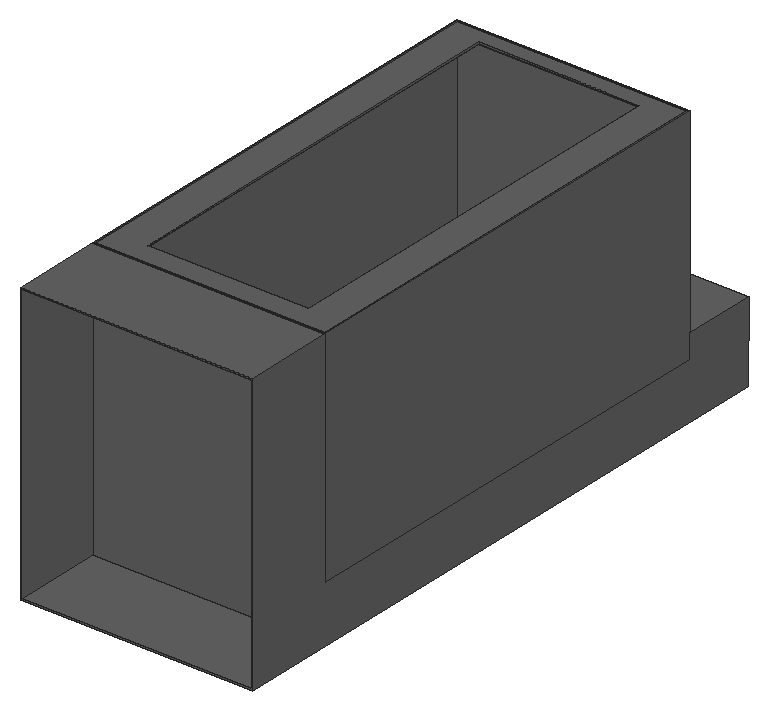
Revit family "Data_Rack-Middle_Atlantic-Wall-Pivoting-SR_Series", category Data Devices, host Face, Revit 2019
Family settings
  Host = Face
  Maintain Annotation Orientation = No
  Round Connector Dimension = Use Diameter
  Part Type = Normal
  Cut with Voids When Loaded = No
  Shared = No
  Room Calculation Point = No
Parameters (values of type "24" Wide, 24RU, 28" Deep, SR-24-28")
  z Width Actual [instance] = if(z Type Width = 24, 23.560", 28.970")  # 23.560"
  z Type Width = 24
  z Type Height = 24
  z Type Depth = 28
  z Height Actual [instance] = z Cabinet Height + 7.104" + 9.170" + (0.346")  # 62.750"
  z Depth Actual [instance] = if(1 = 1, 1, 1) * z Type Depth * 1.000" + 0.340"  # 28.340"
  z Cabinet Vetical Offset [instance] = z  Offset + z Cabinet Height / -2 - 9.170"  # -32.235"
  z Base Depth Bottom [instance] = z Depth Actual  # 28.340"
  z  X [instance] = 1 = 0  # no
  z Thickness Actual [instance] = 0.125"
  z Snap Location Width [instance] = z Mounting Width - 2.000"  # 16.325"
  z Rails Width [instance] = z Cabinet Width Actual - (z Thickness Actual * 2)  # 23.310"
  z RU Offset Depth Actual References [instance] = z RU Offset Depth Actual - z Cabinet Hinge Offset Depth Actual  # 19.650"
  z RU Offset Depth Actual [instance] = z Cabinet Depth Actual - if(z RU Offset Depth < 0.000", 0.000", if(z RU Offset Depth > z Cabinet Depth Actual - z Thickness Actual, z Cabinet Depth Actual - z Thickness Actual, z RU Offset Depth))  # 22.590"
  z RU Offset Depth = 0.000"
  z RU Height [instance] = z RU Count Actual * 1.750"  # 42.000"
  z RU Count Array [instance] = if(z RU Count Actual < 2, 2, z RU Count Actual)  # 24
  z RU Count Actual [instance] = if(z RU Count < 1, 1, z RU Count)  # 24
  z RU Count = if(1 = 1, 1, 1) * z Type Height  # 24
  z Mounting Width [instance] = 18.325"  # constant formula
  Weight = if(and(z Type Width = 24, z Type Height = 24, z Type Depth = 28), 115.000 lbf, if(and(z Type Width = 24, z Type Height = 24, z Type Depth = 32), 131.000 lbf, if(and(z Type Width = 24, z Type Height = 40, z Type Depth = 22), 170.000 lbf, if(and(z Type Width = 24, z Type Height = 40, z Type Depth = 28), 185.000 lbf, if(and(z Type Width = 24, z Type Height = 40, z Type Depth = 32), 200.000 lbf, if(and(z Type Width = 24, z Type Height = 46, z Type Depth = 28), 207.000 lbf, if(and(z Type Width = 28, z Type Height = 24, z Type Depth = 32), 155.000 lbf, if(and(z Type Width = 28, z Type Height = 40, z Type Depth = 32), 248.000 lbf, if(and(z Type Width = 28, z Type Height = 46, z Type Depth = 32), 254.000 lbf, 0.000 lbf)))))))))  # 115.000 lbf
  Product Page URL = "https://www.legrandav.com/products/racks/wall/sr_large_pivoting_wall_rack#sort=relevancy&numberOfResults=20"
  Product Documentation Link = "https://res.cloudinary.com/avd/image/upload/v132572376/Resources/Middle%20Atlantic/Racks/Specifications/MAP-AE-SRSeries_96_045.pdf"
  Model Disclaimer = "Contact Middle Atlantic For More Information"  # constant formula
  Material = Powdercoat - Middle Atlantic - Black
  z Cabinet Width Actual [instance] = if(z Cabinet Width < z Mounting Width + 0.125" * 2 + z Thickness Actual * 2, z Mounting Width + 0.125" * 2 + z Thickness Actual * 2, z Cabinet Width)  # 23.560"
  z Cabinet Width [instance] = if(1 = 1, 1, 1) * z Width Actual  # 23.560"
  z Cabinet Reference Length Half [instance] = z Cabinet Reference Length / 2  # 12.670"
  z Cabinet Reference Length [instance] = z Cabinet Hinge Offset Width to Hinge * 2  # 25.340"
  z Cabinet Hinge Offset Width to Hinge [instance] = (z Cabinet Width Actual / 2) + z Cabinet Hinge Offset Width Actual  # 12.670"
  z Cabinet Hinge Offset Width Actual [instance] = 0.890"  # constant formula
  z Cabinet Hinge Offset Depth to Hinge [instance] = z Base Depth Actual + z Cabinet Hinge Offset Depth Actual  # 8.690"
  z Cabinet Hinge Offset Depth Actual [instance] = 2.940"  # constant formula
  z Cabinet Hinge Angle Right [instance] = if(and(Is Open, Opens Right), z Cabinet Angle When Open, z Cabinet Angle When Closed)  # 0.000°
  z Cabinet Hinge Angle Left [instance] = if(and(Is Open, Opens Left), z Cabinet Angle When Open, z Cabinet Angle When Closed)  # 0.000°
  z Cabinet Height [instance] = z RU Height + 4.130"  # 46.130"
  z Cabinet Depth to Hinge [instance] = z Cabinet Depth Actual - z Cabinet Hinge Offset Depth Actual  # 19.650"
  z Cabinet Depth Actual [instance] = if(z Cabinet Depth < 0.125", 0.125", z Cabinet Depth)  # 22.590"
  z Cabinet Depth [instance] = z Depth Actual - z Base Depth  # 22.590"
  z Cabinet Angle When Open [instance] = if(z  X, 5.000°, 90.000°)  # 90.000°
  z Cabinet Angle When Closed [instance] = if(z  X, 5.000°, 0.000°)  # 0.000°
  z Base Depth Actual [instance] = if(z Base Depth < z Thickness Actual + 0.125", z Thickness Actual + 0.125", z Base Depth)  # 5.750"
  z Base Depth [instance] = 5.750"  # constant formula
  z  Offset [instance] = if(z  X, 17.000" * 2, 0.000")  # 0.000"
  Width [instance] = z Width Actual  # 23.560"
  URL = "https://www.legrandav.com/"
  Part Number [instance] = Model  # "SR-24-28"
  Part Description [instance] = Description  # "SR Series Pivoting Wall Cabinet, 24RU, 24 In. Wide, 28 In. Deep"
  Model = if(and(z Type Width = 24, z Type Height = 24, z Type Depth = 28), "SR-24-28", if(and(z Type Width = 24, z Type Height = 24, z Type Depth = 32), "SR-24-32", if(and(z Type Width = 24, z Type Height = 40, z Type Depth = 22), "SR-40-22", if(and(z Type Width = 24, z Type Height = 40, z Type Depth = 28), "SR-40-28", if(and(z Type Width = 24, z Type Height = 40, z Type Depth = 32), "SR-40-32", if(and(z Type Width = 24, z Type Height = 46, z Type Depth = 28), "SR-46-28", if(and(z Type Width = 28, z Type Height = 24, z Type Depth = 32), "SR28-24-32", if(and(z Type Width = 28, z Type Height = 40, z Type Depth = 32), "SR28-40-32", if(and(z Type Width = 28, z Type Height = 46, z Type Depth = 32), "SR28-46-32", "Not Available")))))))))  # "SR-24-28"
  Manufacturer = "Middle Atlantic"  # constant formula
  Height [instance] = z Height Actual  # 62.750"
  Has Snap Locations [instance] = yes
  Family Version = "1.0"  # constant formula
  Equipment Number [instance] = ""
  Equipment Abbreviation = "SR"
  Description = if(and(z Type Width = 24, z Type Height = 24, z Type Depth = 28), "SR Series Pivoting Wall Cabinet, 24RU, 24 In. Wide, 28 In. Deep", if(and(z Type Width = 24, z Type Height = 24, z Type Depth = 32), "SR Series Pivoting Wall Cabinet, 24RU, 24 In. Wide, 32 In. Deep", if(and(z Type Width = 24, z Type Height = 40, z Type Depth = 22), "SR Series Pivoting Wall Cabinet, 40RU, 24 In. Wide, 22 In. Deep", if(and(z Type Width = 24, z Type Height = 40, z Type Depth = 28), "SR Series Pivoting Wall Cabinet, 40RU, 24 In. Wide, 28 In. Deep", if(and(z Type Width = 24, z Type Height = 40, z Type Depth = 32), "SR Series Pivoting Wall Cabinet, 40RU, 24 In. Wide, 32 In. Deep", if(and(z Type Width = 24, z Type Height = 46, z Type Depth = 28), "SR Series Pivoting Wall Cabinet, 46RU, 24 In. Wide, 28 In. Deep", if(and(z Type Width = 28, z Type Height = 24, z Type Depth = 32), "SR Series Pivoting Wall Cabinet, 24RU, 28 In. Wide, 32 In. Deep", if(and(z Type Width = 28, z Type Height = 40, z Type Depth = 32), "SR Series Pivoting Wall Cabinet, 40RU, 28 In. Wide, 32 In. Deep", if(and(z Type Width = 28, z Type Height = 46, z Type Depth = 32), "SR Series Pivoting Wall Cabinet, 46RU, 28 In. Wide, 32 In. Deep", "Not Available")))))))))  # "SR Series Pivoting Wall Cabinet, 24RU, 24 In. Wide, 28 In. Deep"
  Depth [instance] = z Depth Actual  # 28.340"
  Default Elevation = 48.000"
  Is Open [instance] = no
  Opens Right [instance] = no
  Opens Left [instance] = not(Opens Right)  # yes
  Date Modified = "February 5, 2021"  # constant formula
  Date Created = "February 5, 2021"  # constant formula
Types (10): name | z Width Actual | z Type Width | z Type Height | z Type Depth | z Height Actual | z Depth Actual | z Cabinet Vetical Offset | z Base Depth Bottom | z Rails Width | z RU Offset Depth Actual References | z RU Offset Depth Actual | z RU Height | z RU Count Array | z RU Count Actual | z RU Count | Weight | z Cabinet Width Actual | z Cabinet Width | z Cabinet Reference Length Half | z Cabinet Reference Length | z Cabinet Hinge Offset Width to Hinge | z Cabinet Height | z Cabinet Depth to Hinge | z Cabinet Depth Actual | z Cabinet Depth | Width | Part Number | Part Description | Model | Height | Description | Depth
  (no name) | 23.560" | 24 | 24 | 28 | 62.750" | 28.340" | -32.235" | 28.340" | 23.310" | 19.650" | 22.590" | 42.000" | 24 | 24 | 24 | 115.000 lbf | 23.560" | 23.560" | 12.670" | 25.340" | 12.670" | 46.130" | 19.650" | 22.590" | 22.590" | 23.560" | "SR-24-28" | "SR Series Pivoting Wall Cabinet, 24RU, 24 In. Wide, 28 In. Deep" | "SR-24-28" | 62.750" | "SR Series Pivoting Wall Cabinet, 24RU, 24 In. Wide, 28 In. Deep" | 28.340"
  24" Wide, 24RU, 28" Deep, SR-24-28 | 23.560" | 24 | 24 | 28 | 62.750" | 28.340" | -32.235" | 28.340" | 23.310" | 19.650" | 22.590" | 42.000" | 24 | 24 | 24 | 115.000 lbf | 23.560" | 23.560" | 12.670" | 25.340" | 12.670" | 46.130" | 19.650" | 22.590" | 22.590" | 23.560" | "SR-24-28" | "SR Series Pivoting Wall Cabinet, 24RU, 24 In. Wide, 28 In. Deep" | "SR-24-28" | 62.750" | "SR Series Pivoting Wall Cabinet, 24RU, 24 In. Wide, 28 In. Deep" | 28.340"
  24" Wide, 24RU, 32" Deep, SR-24-32 | 23.560" | 24 | 24 | 32 | 62.750" | 32.340" | -32.235" | 32.340" | 23.310" | 23.650" | 26.590" | 42.000" | 24 | 24 | 24 | 131.000 lbf | 23.560" | 23.560" | 12.670" | 25.340" | 12.670" | 46.130" | 23.650" | 26.590" | 26.590" | 23.560" | "SR-24-32" | "SR Series Pivoting Wall Cabinet, 24RU, 24 In. Wide, 32 In. Deep" | "SR-24-32" | 62.750" | "SR Series Pivoting Wall Cabinet, 24RU, 24 In. Wide, 32 In. Deep" | 32.340"
  24" Wide, 40RU, 28" Deep, SR-40-28 | 23.560" | 24 | 40 | 28 | 90.750" | 28.340" | -46.235" | 28.340" | 23.310" | 19.650" | 22.590" | 70.000" | 40 | 40 | 40 | 185.000 lbf | 23.560" | 23.560" | 12.670" | 25.340" | 12.670" | 74.130" | 19.650" | 22.590" | 22.590" | 23.560" | "SR-40-28" | "SR Series Pivoting Wall Cabinet, 40RU, 24 In. Wide, 28 In. Deep" | "SR-40-28" | 90.750" | "SR Series Pivoting Wall Cabinet, 40RU, 24 In. Wide, 28 In. Deep" | 28.340"
  24" Wide, 46RU, 28" Deep, SR-46-28 | 23.560" | 24 | 46 | 28 | 101.250" | 28.340" | -51.485" | 28.340" | 23.310" | 19.650" | 22.590" | 80.500" | 46 | 46 | 46 | 207.000 lbf | 23.560" | 23.560" | 12.670" | 25.340" | 12.670" | 84.630" | 19.650" | 22.590" | 22.590" | 23.560" | "SR-46-28" | "SR Series Pivoting Wall Cabinet, 46RU, 24 In. Wide, 28 In. Deep" | "SR-46-28" | 101.250" | "SR Series Pivoting Wall Cabinet, 46RU, 24 In. Wide, 28 In. Deep" | 28.340"
  24" Wide, 40RU, 32" Deep, SR-40-32 | 23.560" | 24 | 40 | 32 | 90.750" | 32.340" | -46.235" | 32.340" | 23.310" | 23.650" | 26.590" | 70.000" | 40 | 40 | 40 | 200.000 lbf | 23.560" | 23.560" | 12.670" | 25.340" | 12.670" | 74.130" | 23.650" | 26.590" | 26.590" | 23.560" | "SR-40-32" | "SR Series Pivoting Wall Cabinet, 40RU, 24 In. Wide, 32 In. Deep" | "SR-40-32" | 90.750" | "SR Series Pivoting Wall Cabinet, 40RU, 24 In. Wide, 32 In. Deep" | 32.340"
  24" Wide, 40RU, 22" Deep, SR-40-22 | 23.560" | 24 | 40 | 22 | 90.750" | 22.340" | -46.235" | 22.340" | 23.310" | 13.650" | 16.590" | 70.000" | 40 | 40 | 40 | 170.000 lbf | 23.560" | 23.560" | 12.670" | 25.340" | 12.670" | 74.130" | 13.650" | 16.590" | 16.590" | 23.560" | "SR-40-22" | "SR Series Pivoting Wall Cabinet, 40RU, 24 In. Wide, 22 In. Deep" | "SR-40-22" | 90.750" | "SR Series Pivoting Wall Cabinet, 40RU, 24 In. Wide, 22 In. Deep" | 22.340"
  28" Wide, 24RU, 32" Deep, SR28-24-32 | 28.970" | 28 | 24 | 32 | 62.750" | 32.340" | -32.235" | 32.340" | 28.720" | 23.650" | 26.590" | 42.000" | 24 | 24 | 24 | 155.000 lbf | 28.970" | 28.970" | 15.375" | 30.750" | 15.375" | 46.130" | 23.650" | 26.590" | 26.590" | 28.970" | "SR28-24-32" | "SR Series Pivoting Wall Cabinet, 24RU, 28 In. Wide, 32 In. Deep" | "SR28-24-32" | 62.750" | "SR Series Pivoting Wall Cabinet, 24RU, 28 In. Wide, 32 In. Deep" | 32.340"
  28" Wide, 40RU, 32" Deep, SR28-40-32 | 28.970" | 28 | 40 | 32 | 90.750" | 32.340" | -46.235" | 32.340" | 28.720" | 23.650" | 26.590" | 70.000" | 40 | 40 | 40 | 248.000 lbf | 28.970" | 28.970" | 15.375" | 30.750" | 15.375" | 74.130" | 23.650" | 26.590" | 26.590" | 28.970" | "SR28-40-32" | "SR Series Pivoting Wall Cabinet, 40RU, 28 In. Wide, 32 In. Deep" | "SR28-40-32" | 90.750" | "SR Series Pivoting Wall Cabinet, 40RU, 28 In. Wide, 32 In. Deep" | 32.340"
  28" Wide, 46RU, 32" Deep, SR28-46-32 | 28.970" | 28 | 46 | 32 | 101.250" | 32.340" | -51.485" | 32.340" | 28.720" | 23.650" | 26.590" | 80.500" | 46 | 46 | 46 | 254.000 lbf | 28.970" | 28.970" | 15.375" | 30.750" | 15.375" | 84.630" | 23.650" | 26.590" | 26.590" | 28.970" | "SR28-46-32" | "SR Series Pivoting Wall Cabinet, 46RU, 28 In. Wide, 32 In. Deep" | "SR28-46-32" | 101.250" | "SR Series Pivoting Wall Cabinet, 46RU, 28 In. Wide, 32 In. Deep" | 32.340"
Reference planes (in)
  plane 1 "Center (Front/Back)": y = 0
  plane 2 "Center (Elevation)": z = 0
  plane 3 "Center (Left/Right)": x = 0
  plane 4: through (26.9972, 28.43381, 9.92971) normal (-0.9218, 0.2818, 0.2661)
  plane 5: through (15.53727, 31.93746, 9.30168) normal (-0.8902, 0.2721, -0.3654)
  plane 6: through (16.43815, 31.66203, -8.67365) normal (0.8902, -0.2721, 0.3654)
  plane 7: through (13.12273, 32.67566, 0.15701) normal (-0.05, 0.0153, 0.9986)
  plane 8: through (9.8073, 33.68929, 8.98767) normal (-0.9218, 0.2818, 0.2661)
  plane 9: through (4.97822, 35.16569, -9.30168) normal (0.955, -0.292, 0.0523)
  plane 10: through (4.97822, 35.16569, -9.30168) normal (-0.05, 0.0153, 0.9986)
  plane 11: z = 0
  plane 12: z = 5.625
  plane 13: z = 5.75
  plane 14: z = 8.69
  plane 15: x = -12.67
  plane 16: x = 12.67
  plane 17: y = 55.3
  plane 18: y = 55.175
  plane 19: y = 9.295
  plane 20: y = 9.17
  plane 21: y = 12.45
  plane 22: y = 14.2
  plane 23: y = 0
  plane 24: y = 62.75
  plane 25: z = 8.18
  plane 26: z = 28.34
  plane 27: x = -11.655
  plane 28: x = 11.655
  plane 29: y = 9.045
  plane 30: y = 62.625
  plane 31: y = 55.425
  plane 32: z = 28.215
  plane 33: z = 0.125
  plane 34: y = 11.575
  plane 35: y = 53.575
  plane 36: y = 32.235
  plane 37: x = 11.78
  plane 38: x = -11.78
Forms (in)
  Sweep 1, solid, material "Powdercoat - Middle Atlantic - Black" <- "Material"
    path origin (11, 0, 28.34) x (-1, 0, 0) y (0, 0, -1)
      loop
        line (11, 0) -> (11, 22.59)
    profile "Box Outside : Cabinet" origin (0, 0, 17.045) x (1, 0, 0) y (0, -1, 0)
      loop
        line (-11.655, -9.295) -> (-11.655, -55.175) -> (11.655, -55.175) -> (11.655, -9.295) -> (-11.655, -9.295)
      loop
        line (-11.78, -9.17) -> (-11.78, -55.3) -> (11.78, -55.3) -> (11.78, -9.17) -> (-11.78, -9.17)
  Extrusion 2, solid, material "Powdercoat - Middle Atlantic - Black" <- "Material"
    sketch origin (0, 0, 8.69) x (0, 0, 1) y (-1, 0, 0)
      loop
        line (19.65, 11.655) -> (19.4, 11.655) -> (19.4, 11.53) -> (19.525, 11.53) -> (19.525, 8.1625) -> (19.65, 8.1625) -> (19.65, 11.655)
      loop
        line (19.65, -8.1625) -> (19.525, -8.1625) -> (19.525, -11.53) -> (19.4, -11.53) -> (19.4, -11.655) -> (19.65, -11.655) -> (19.65, -8.1625)
    from -55.175 to -9.295
  Extrusion 3, solid, material "Snap Locations", visible <- "Has Snap Locations"
    sketch origin (-11.655, 0, 28.34) x (1, 0, 0) y (0, 1, 0)
      loop
        line (19.8175, 11.575) -> (19.8175, 53.575) -> (3.4925, 53.575) -> (3.4925, 11.575) -> (19.8175, 11.575)
    from -0.25 to 0
  Extrusion 4, solid, material "Powdercoat - Middle Atlantic - Black" <- "Material"
    sketch origin (0, 0, 0) x (0, 1, 0) y (0, 0, 1)
      loop
        line (0, 28.34) -> (0, 0) -> (62.75, 0) -> (62.75, 8.18) -> (55.3, 8.18) -> (55.3, 5.75) -> (9.17, 5.75) -> (9.17, 28.34) -> (0, 28.34)
    from -11.78 to 11.78
  Extrusion 5, void
    sketch origin (0, 0, 0) x (0, 1, 0) y (0, 0, 1)
      loop
        line (0, 28.215) -> (0, 0.125) -> (9.045, 0.125) -> (9.045, 28.215) -> (0, 28.215)
      loop
        line (9.295, 8.69) -> (9.295, 0.125) -> (55.175, 0.125) -> (55.175, 8.69) -> (9.295, 8.69)
    from -11.655 to 11.655
  Extrusion 6, solid, material "Powdercoat - Middle Atlantic - Black" <- "Material"
    sketch origin (0, 0, 8.69) x (0, 0, 1) y (-1, 0, 0)
      loop
        line (19.65, 8.1625) -> (19.525, 8.1625) -> (19.525, -8.1625) -> (19.65, -8.1625) -> (19.65, 8.1625)
    from -11.575 to -9.295
  Extrusion 7, solid, material "Powdercoat - Middle Atlantic - Black" <- "Material"
    sketch origin (0, 0, 8.69) x (0, 0, 1) y (-1, 0, 0)
      loop
        line (19.65, 8.1625) -> (19.525, 8.1625) -> (19.525, -8.1625) -> (19.65, -8.1625) -> (19.65, 8.1625)
    from -55.175 to -53.575
Cuts and joins
  joined: Extrusion 2, Extrusion 6, Extrusion 7
  Extrusion 5 cuts Extrusion 4
Lines and regions (in)
  Masking region 1
    outline origin (0, 0, 8.69) x (0, 0, 1) y (-1, 0, 0)
      loop
        line (19.65, 11.78) -> (-2.94, 11.78) -> (-2.94, -11.78) -> (19.65, -11.78) -> (19.65, 11.78)
  Masking region 2
    outline origin (0, 0, 0) x (1, 0, 0) y (0, 0, 1)
      loop
        line (-11.78, 5.75) -> (-11.78, 0) -> (11.78, 0) -> (11.78, 5.75) -> (-11.78, 5.75)
  Masking region 3, detail levels fine
    outline origin (11, 0, 5.75) x (-1, 0, 0) y (0, 0, -1)
      loop
        line (22.655, -22.59) -> (22.655, -22.34) -> (22.53, -22.34) -> (22.53, -22.465) -> (19.1625, -22.465) -> (19.1625, -22.59) -> (22.655, -22.59)
      loop
        line (2.8375, -22.59) -> (2.8375, -22.465) -> (-0.53, -22.465) -> (-0.53, -22.34) -> (-0.655, -22.34) -> (-0.655, -22.59) -> (2.8375, -22.59)
  reference lines
    curve 1: line (-12.67, 0, 8.69) -> (12.67, 0, 8.69)
    curve 2: line (12.67, 0, 8.69) -> (-12.67, 0, 8.69)
    curve 3: line (0, 55.3, 8.69) -> (0, 9.17, 8.69)
    curve 4: line (11, 0, 28.34) -> (-11, 0, 28.34)
    curve 5: line (0, 0, 8.69) -> (0, 0, 28.34)
    curve 6: line (11, 0, 5.75) -> (-11, 0, 5.75)
  symbolic lines, style "Snap Locations", visible <- "Has Snap Locations", detail levels medium+fine
    curve 7: line (-11.78, 0, 28.34) -> (11.78, 0, 28.34)
Dimensions and locks (in)
  "z Thickness Actual": plane 13 to plane 12
  "z Base Depth Actual": plane 13 to plane 11
  "z Cabinet Hinge Offset Width to Hinge": plane 15 to plane 3 "Center (Left/Right)"
  "z Cabinet Hinge Offset Width to Hinge": plane 3 "Center (Left/Right)" to plane 16
  "z Cabinet Hinge Offset Depth to Hinge": plane 14 to plane 11
  "z Cabinet Reference Length": curve 1 to curve 1
  "z Cabinet Reference Length": curve 1 to curve 2
  "z Cabinet Reference Length": curve 2 to curve 2
  equal spacing: curve 2, curve 3, curve 2
  "z  Offset": plane 11 to plane 2 "Center (Elevation)"
  equal spacing: curve 2, curve 5, curve 2
  "z Cabinet Depth to Hinge": curve 5 to curve 5
  "z Cabinet Depth Actual": Sweep 1 sketch curve to Sweep 1 sketch curve
  "z Cabinet Depth Actual": curve 4 to curve 6
  "z Thickness Actual": plane 19 to plane 20
  "z Thickness Actual": plane 17 to plane 18
  equal spacing: plane 20, plane 36, plane 17
  "z Cabinet Height": plane 17 to plane 20
  plane 22 to plane 21 to plane 34 = 1.750" locked, 0.875" locked
  equal spacing: Extrusion 2 sketch curve, curve 5, Extrusion 2 sketch curve  (x2)
  "z Rails Width": Extrusion 2 sketch curve to Extrusion 2 sketch curve
  "z Thickness Actual": Extrusion 2 sketch curve to Extrusion 2 sketch curve  (x4)
  "z RU Offset Depth Actual": Extrusion 2 sketch curve to curve 6  (x2)
  "z Snap Location Width": Extrusion 2 sketch curve to Extrusion 2 sketch curve
  equal spacing: Extrusion 2 sketch curve, Extrusion 2 sketch curve, Extrusion 2 sketch curve  (x2)
  equal spacing: group 1, group 2, group 3, group 4, group 5, group 6, group 7, group 8, group 9, group 10, group 11, group 12, group 13, group 14, group 15, group 16, group 17, group 18, group 19, group 20, group 21, group 22, group 23, group 24  (x3)
  equal spacing: Extrusion 3 sketch curve, curve 3, Extrusion 3 sketch curve
  "z Snap Location Width": Extrusion 3 sketch curve to Extrusion 3 sketch curve
  equal spacing: Masking region 1 sketch curve, curve 5, Masking region 1 sketch curve
  "z Cabinet Depth Actual": Masking region 1 sketch curve to Masking region 1 sketch curve
  "z Cabinet Width Actual": Masking region 1 sketch curve to Masking region 1 sketch curve
  equal spacing: Masking region 2 sketch curve, plane 3 "Center (Left/Right)", Masking region 2 sketch curve
  "z Cabinet Width Actual": Masking region 2 sketch curve to Masking region 2 sketch curve
  "z Base Depth Actual": Masking region 2 sketch curve to Masking region 2 sketch curve
  "z Thickness Actual": Masking region 3 sketch curve to Masking region 3 sketch curve  (x4)
  "z RU Offset Depth Actual": Masking region 3 sketch curve to curve 6  (x2)
  equal spacing: Masking region 3 sketch curve, curve 5, Masking region 3 sketch curve  (x2)
  "z Snap Location Width": Masking region 3 sketch curve to Masking region 3 sketch curve
  equal spacing: Masking region 3 sketch curve, Masking region 3 sketch curve, Masking region 3 sketch curve  (x2)
  "z Rails Width": Masking region 3 sketch curve to Masking region 3 sketch curve
  equal spacing: curve 7, curve 5, curve 7
  "z RU Offset Depth Actual": curve 7 to curve 6
  "z Cabinet Width Actual": curve 7 to curve 7
  locked: plane 20 to plane 23 at 9.17
  "z Height Actual": plane 24 to plane 23
  locked: plane 25 to plane 11 at 8.18
  "z Base Depth Bottom": plane 26 to plane 11
  "z Thickness Actual": plane 38 to plane 27
  "z Thickness Actual": plane 28 to plane 37
  "z Thickness Actual": plane 20 to plane 29
  "z Thickness Actual": plane 24 to plane 30
  "z Thickness Actual": plane 31 to plane 17
  "z Thickness Actual": plane 26 to plane 32
  "z Thickness Actual": plane 33 to plane 11
  "z RU Height": plane 35 to plane 34
  "z  Offset": plane 23 to plane 1 "Center (Front/Back)"
  locked: plane 21 to plane 23 at 12.45
  "z Thickness Actual": Extrusion 6 sketch curve to Extrusion 6 sketch curve
  equal spacing: Extrusion 6 sketch curve, curve 5, Extrusion 6 sketch curve
  "z Snap Location Width": Extrusion 6 sketch curve to Extrusion 6 sketch curve
  "z Thickness Actual": Extrusion 7 sketch curve to Extrusion 7 sketch curve
  equal spacing: Extrusion 7 sketch curve, curve 5, Extrusion 7 sketch curve
  "z Snap Location Width": Extrusion 7 sketch curve to Extrusion 7 sketch curve
  curve 7 to level = 28.340"
  equal spacing: plane 38, plane 3 "Center (Left/Right)", plane 37
  "z Cabinet Width Actual": plane 38 to plane 37
  "z Cabinet Hinge Angle Left": angle plane 14 to curve 1
  "z Cabinet Hinge Angle Right": angle curve 2 to curve 1
  aligned and locked: plane 2 "Center (Elevation)" to host face
  aligned and locked: level to host face
  aligned and locked: plane 14 to curve 1
  aligned and locked: plane 15 to curve 1
  aligned and locked: curve 2 to curve 5
  aligned and locked: curve 4 to curve 5
  aligned and locked: Sweep 1 sketch curve to curve 5
  aligned and locked: curve 4 to Sweep 1 sketch curve
  aligned and locked: plane 20 to curve 3
  aligned and locked: plane 17 to curve 3
  aligned and locked: plane 18 to Extrusion 2
  aligned and locked: Extrusion 2 to plane 19
  aligned and locked: nested 1 to plane 21
  aligned and locked: nested 2 to plane 22
  aligned and locked: Masking region 1 sketch curve to curve 5
  aligned and locked: plane 11 to Masking region 2 sketch curve
  aligned and locked: plane 17 to Extrusion 4 sketch curve
  aligned and locked: Extrusion 4 sketch curve to plane 25
  aligned and locked: Extrusion 4 sketch curve to plane 24
  aligned and locked: Extrusion 4 sketch curve to plane 11
  aligned and locked: Extrusion 4 sketch curve to plane 20
  aligned and locked: Extrusion 4 sketch curve to plane 26
  aligned and locked: plane 23 to Extrusion 4 sketch curve
  aligned and locked: plane 23 to Extrusion 5 sketch curve
  aligned and locked: plane 19 to Extrusion 5 sketch curve
  aligned and locked: Extrusion 5 sketch curve to plane 18
  aligned and locked: plane 28 to Extrusion 5
  aligned and locked: Extrusion 5 to plane 27
  aligned and locked: Extrusion 5 sketch curve to plane 29
  aligned and locked: plane 33 to Extrusion 5 sketch curve  (x2)
  aligned and locked: Extrusion 5 sketch curve to plane 32
  aligned and locked: Extrusion 5 sketch curve to plane 14
  aligned and locked: plane 18 to Extrusion 7
  aligned and locked: Extrusion 7 to plane 35
  aligned and locked: Extrusion 6 to plane 19
  aligned and locked: plane 34 to Extrusion 6
  aligned and locked: Extrusion 3 sketch curve to plane 35
  aligned and locked: plane 34 to Extrusion 3 sketch curve
  aligned and locked: plane 37 to Extrusion 4
  aligned and locked: Extrusion 4 to plane 38
  aligned and locked: plane 13 to Extrusion 4 sketch curve
Automatic sketch dimensions
  host sketch curve to host sketch curve = 10.000"  (x2)
  curve 2 to curve 1 = 0.000"
  curve 4 to curve 5 = 11.000"
  curve 5 to curve 4 = 11.000"
  curve 6 to curve 5 = 11.000"
  curve 5 to curve 6 = 11.000"
  Extrusion 6 sketch curve to curve 5 = 0.000"
  Extrusion 7 sketch curve to curve 5 = 0.000"
Nested families (in)
  nested 1: "References" at (0, 12.45, 0), z Mounting Width <- "z Mounting Width", z Cabinet Hinge Offset Depth Actual <- "z Cabinet Hinge Offset Depth to Hinge", Has Snap Locations <- "Has Snap Locations", z Cabinet Hinge Angle Left <- "z Cabinet Hinge Angle Left", z Cabinet Hinge Angle Right <- "z Cabinet Hinge Angle Right", z Cabinet Reference Length <- "z Cabinet Reference Length", z Cabinet Reference Length Half <- "z Cabinet Reference Length Half", z RU Offset Depth Actual References <- "z RU Offset Depth Actual References", type "Standard"
    with z RU Offset Depth Actual References 19.650", z Mounting Width 18.325", z Cabinet Reference Length Half 12.670", z Cabinet Reference Length 25.340", z Cabinet Hinge Offset Depth Actual 8.690", z Cabinet Hinge Angle Right 0.000°, z Cabinet Hinge Angle Left 0.000°, Has Snap Locations yes
  nested 2: "References" at (0, 14.2, 0), z Mounting Width <- "z Mounting Width", z Cabinet Hinge Offset Depth Actual <- "z Cabinet Hinge Offset Depth to Hinge", Has Snap Locations <- "Has Snap Locations", z Cabinet Hinge Angle Left <- "z Cabinet Hinge Angle Left", z Cabinet Hinge Angle Right <- "z Cabinet Hinge Angle Right", z Cabinet Reference Length <- "z Cabinet Reference Length", z Cabinet Reference Length Half <- "z Cabinet Reference Length Half", z RU Offset Depth Actual References <- "z RU Offset Depth Actual References", type "Standard"
    with z RU Offset Depth Actual References 19.650", z Mounting Width 18.325", z Cabinet Reference Length Half 12.670", z Cabinet Reference Length 25.340", z Cabinet Hinge Offset Depth Actual 8.690", z Cabinet Hinge Angle Right 0.000°, z Cabinet Hinge Angle Left 0.000°, Has Snap Locations yes
  nested 3: "References" at (0, 15.95, 0), z Mounting Width <- "z Mounting Width", z Cabinet Hinge Offset Depth Actual <- "z Cabinet Hinge Offset Depth to Hinge", Has Snap Locations <- "Has Snap Locations", z Cabinet Hinge Angle Left <- "z Cabinet Hinge Angle Left", z Cabinet Hinge Angle Right <- "z Cabinet Hinge Angle Right", z Cabinet Reference Length <- "z Cabinet Reference Length", z Cabinet Reference Length Half <- "z Cabinet Reference Length Half", z RU Offset Depth Actual References <- "z RU Offset Depth Actual References", type "Standard"
    with z RU Offset Depth Actual References 19.650", z Mounting Width 18.325", z Cabinet Reference Length Half 12.670", z Cabinet Reference Length 25.340", z Cabinet Hinge Offset Depth Actual 8.690", z Cabinet Hinge Angle Right 0.000°, z Cabinet Hinge Angle Left 0.000°, Has Snap Locations yes
  nested 4: "References" at (0, 17.7, 0), z Mounting Width <- "z Mounting Width", z Cabinet Hinge Offset Depth Actual <- "z Cabinet Hinge Offset Depth to Hinge", Has Snap Locations <- "Has Snap Locations", z Cabinet Hinge Angle Left <- "z Cabinet Hinge Angle Left", z Cabinet Hinge Angle Right <- "z Cabinet Hinge Angle Right", z Cabinet Reference Length <- "z Cabinet Reference Length", z Cabinet Reference Length Half <- "z Cabinet Reference Length Half", z RU Offset Depth Actual References <- "z RU Offset Depth Actual References", type "Standard"
    with z RU Offset Depth Actual References 19.650", z Mounting Width 18.325", z Cabinet Reference Length Half 12.670", z Cabinet Reference Length 25.340", z Cabinet Hinge Offset Depth Actual 8.690", z Cabinet Hinge Angle Right 0.000°, z Cabinet Hinge Angle Left 0.000°, Has Snap Locations yes
  nested 5: "References" at (0, 19.45, 0), z Mounting Width <- "z Mounting Width", z Cabinet Hinge Offset Depth Actual <- "z Cabinet Hinge Offset Depth to Hinge", Has Snap Locations <- "Has Snap Locations", z Cabinet Hinge Angle Left <- "z Cabinet Hinge Angle Left", z Cabinet Hinge Angle Right <- "z Cabinet Hinge Angle Right", z Cabinet Reference Length <- "z Cabinet Reference Length", z Cabinet Reference Length Half <- "z Cabinet Reference Length Half", z RU Offset Depth Actual References <- "z RU Offset Depth Actual References", type "Standard"
    with z RU Offset Depth Actual References 19.650", z Mounting Width 18.325", z Cabinet Reference Length Half 12.670", z Cabinet Reference Length 25.340", z Cabinet Hinge Offset Depth Actual 8.690", z Cabinet Hinge Angle Right 0.000°, z Cabinet Hinge Angle Left 0.000°, Has Snap Locations yes
  nested 6: "References" at (0, 21.2, 0), z Mounting Width <- "z Mounting Width", z Cabinet Hinge Offset Depth Actual <- "z Cabinet Hinge Offset Depth to Hinge", Has Snap Locations <- "Has Snap Locations", z Cabinet Hinge Angle Left <- "z Cabinet Hinge Angle Left", z Cabinet Hinge Angle Right <- "z Cabinet Hinge Angle Right", z Cabinet Reference Length <- "z Cabinet Reference Length", z Cabinet Reference Length Half <- "z Cabinet Reference Length Half", z RU Offset Depth Actual References <- "z RU Offset Depth Actual References", type "Standard"
    with z RU Offset Depth Actual References 19.650", z Mounting Width 18.325", z Cabinet Reference Length Half 12.670", z Cabinet Reference Length 25.340", z Cabinet Hinge Offset Depth Actual 8.690", z Cabinet Hinge Angle Right 0.000°, z Cabinet Hinge Angle Left 0.000°, Has Snap Locations yes
  nested 7: "References" at (0, 22.95, 0), z Mounting Width <- "z Mounting Width", z Cabinet Hinge Offset Depth Actual <- "z Cabinet Hinge Offset Depth to Hinge", Has Snap Locations <- "Has Snap Locations", z Cabinet Hinge Angle Left <- "z Cabinet Hinge Angle Left", z Cabinet Hinge Angle Right <- "z Cabinet Hinge Angle Right", z Cabinet Reference Length <- "z Cabinet Reference Length", z Cabinet Reference Length Half <- "z Cabinet Reference Length Half", z RU Offset Depth Actual References <- "z RU Offset Depth Actual References", type "Standard"
    with z RU Offset Depth Actual References 19.650", z Mounting Width 18.325", z Cabinet Reference Length Half 12.670", z Cabinet Reference Length 25.340", z Cabinet Hinge Offset Depth Actual 8.690", z Cabinet Hinge Angle Right 0.000°, z Cabinet Hinge Angle Left 0.000°, Has Snap Locations yes
  nested 8: "References" at (0, 24.7, 0), z Mounting Width <- "z Mounting Width", z Cabinet Hinge Offset Depth Actual <- "z Cabinet Hinge Offset Depth to Hinge", Has Snap Locations <- "Has Snap Locations", z Cabinet Hinge Angle Left <- "z Cabinet Hinge Angle Left", z Cabinet Hinge Angle Right <- "z Cabinet Hinge Angle Right", z Cabinet Reference Length <- "z Cabinet Reference Length", z Cabinet Reference Length Half <- "z Cabinet Reference Length Half", z RU Offset Depth Actual References <- "z RU Offset Depth Actual References", type "Standard"
    with z RU Offset Depth Actual References 19.650", z Mounting Width 18.325", z Cabinet Reference Length Half 12.670", z Cabinet Reference Length 25.340", z Cabinet Hinge Offset Depth Actual 8.690", z Cabinet Hinge Angle Right 0.000°, z Cabinet Hinge Angle Left 0.000°, Has Snap Locations yes
  nested 9: "References" at (0, 26.45, 0), z Mounting Width <- "z Mounting Width", z Cabinet Hinge Offset Depth Actual <- "z Cabinet Hinge Offset Depth to Hinge", Has Snap Locations <- "Has Snap Locations", z Cabinet Hinge Angle Left <- "z Cabinet Hinge Angle Left", z Cabinet Hinge Angle Right <- "z Cabinet Hinge Angle Right", z Cabinet Reference Length <- "z Cabinet Reference Length", z Cabinet Reference Length Half <- "z Cabinet Reference Length Half", z RU Offset Depth Actual References <- "z RU Offset Depth Actual References", type "Standard"
    with z RU Offset Depth Actual References 19.650", z Mounting Width 18.325", z Cabinet Reference Length Half 12.670", z Cabinet Reference Length 25.340", z Cabinet Hinge Offset Depth Actual 8.690", z Cabinet Hinge Angle Right 0.000°, z Cabinet Hinge Angle Left 0.000°, Has Snap Locations yes
  nested 10: "References" at (0, 28.2, 0), z Mounting Width <- "z Mounting Width", z Cabinet Hinge Offset Depth Actual <- "z Cabinet Hinge Offset Depth to Hinge", Has Snap Locations <- "Has Snap Locations", z Cabinet Hinge Angle Left <- "z Cabinet Hinge Angle Left", z Cabinet Hinge Angle Right <- "z Cabinet Hinge Angle Right", z Cabinet Reference Length <- "z Cabinet Reference Length", z Cabinet Reference Length Half <- "z Cabinet Reference Length Half", z RU Offset Depth Actual References <- "z RU Offset Depth Actual References", type "Standard"
    with z RU Offset Depth Actual References 19.650", z Mounting Width 18.325", z Cabinet Reference Length Half 12.670", z Cabinet Reference Length 25.340", z Cabinet Hinge Offset Depth Actual 8.690", z Cabinet Hinge Angle Right 0.000°, z Cabinet Hinge Angle Left 0.000°, Has Snap Locations yes
  nested 11: "References" at (0, 29.95, 0), z Mounting Width <- "z Mounting Width", z Cabinet Hinge Offset Depth Actual <- "z Cabinet Hinge Offset Depth to Hinge", Has Snap Locations <- "Has Snap Locations", z Cabinet Hinge Angle Left <- "z Cabinet Hinge Angle Left", z Cabinet Hinge Angle Right <- "z Cabinet Hinge Angle Right", z Cabinet Reference Length <- "z Cabinet Reference Length", z Cabinet Reference Length Half <- "z Cabinet Reference Length Half", z RU Offset Depth Actual References <- "z RU Offset Depth Actual References", type "Standard"
    with z RU Offset Depth Actual References 19.650", z Mounting Width 18.325", z Cabinet Reference Length Half 12.670", z Cabinet Reference Length 25.340", z Cabinet Hinge Offset Depth Actual 8.690", z Cabinet Hinge Angle Right 0.000°, z Cabinet Hinge Angle Left 0.000°, Has Snap Locations yes
  nested 12: "References" at (0, 31.7, 0), z Mounting Width <- "z Mounting Width", z Cabinet Hinge Offset Depth Actual <- "z Cabinet Hinge Offset Depth to Hinge", Has Snap Locations <- "Has Snap Locations", z Cabinet Hinge Angle Left <- "z Cabinet Hinge Angle Left", z Cabinet Hinge Angle Right <- "z Cabinet Hinge Angle Right", z Cabinet Reference Length <- "z Cabinet Reference Length", z Cabinet Reference Length Half <- "z Cabinet Reference Length Half", z RU Offset Depth Actual References <- "z RU Offset Depth Actual References", type "Standard"
    with z RU Offset Depth Actual References 19.650", z Mounting Width 18.325", z Cabinet Reference Length Half 12.670", z Cabinet Reference Length 25.340", z Cabinet Hinge Offset Depth Actual 8.690", z Cabinet Hinge Angle Right 0.000°, z Cabinet Hinge Angle Left 0.000°, Has Snap Locations yes
  nested 13: "References" at (0, 33.45, 0), z Mounting Width <- "z Mounting Width", z Cabinet Hinge Offset Depth Actual <- "z Cabinet Hinge Offset Depth to Hinge", Has Snap Locations <- "Has Snap Locations", z Cabinet Hinge Angle Left <- "z Cabinet Hinge Angle Left", z Cabinet Hinge Angle Right <- "z Cabinet Hinge Angle Right", z Cabinet Reference Length <- "z Cabinet Reference Length", z Cabinet Reference Length Half <- "z Cabinet Reference Length Half", z RU Offset Depth Actual References <- "z RU Offset Depth Actual References", type "Standard"
    with z RU Offset Depth Actual References 19.650", z Mounting Width 18.325", z Cabinet Reference Length Half 12.670", z Cabinet Reference Length 25.340", z Cabinet Hinge Offset Depth Actual 8.690", z Cabinet Hinge Angle Right 0.000°, z Cabinet Hinge Angle Left 0.000°, Has Snap Locations yes
  nested 14: "References" at (0, 35.2, 0), z Mounting Width <- "z Mounting Width", z Cabinet Hinge Offset Depth Actual <- "z Cabinet Hinge Offset Depth to Hinge", Has Snap Locations <- "Has Snap Locations", z Cabinet Hinge Angle Left <- "z Cabinet Hinge Angle Left", z Cabinet Hinge Angle Right <- "z Cabinet Hinge Angle Right", z Cabinet Reference Length <- "z Cabinet Reference Length", z Cabinet Reference Length Half <- "z Cabinet Reference Length Half", z RU Offset Depth Actual References <- "z RU Offset Depth Actual References", type "Standard"
    with z RU Offset Depth Actual References 19.650", z Mounting Width 18.325", z Cabinet Reference Length Half 12.670", z Cabinet Reference Length 25.340", z Cabinet Hinge Offset Depth Actual 8.690", z Cabinet Hinge Angle Right 0.000°, z Cabinet Hinge Angle Left 0.000°, Has Snap Locations yes
  nested 15: "References" at (0, 36.95, 0), z Mounting Width <- "z Mounting Width", z Cabinet Hinge Offset Depth Actual <- "z Cabinet Hinge Offset Depth to Hinge", Has Snap Locations <- "Has Snap Locations", z Cabinet Hinge Angle Left <- "z Cabinet Hinge Angle Left", z Cabinet Hinge Angle Right <- "z Cabinet Hinge Angle Right", z Cabinet Reference Length <- "z Cabinet Reference Length", z Cabinet Reference Length Half <- "z Cabinet Reference Length Half", z RU Offset Depth Actual References <- "z RU Offset Depth Actual References", type "Standard"
    with z RU Offset Depth Actual References 19.650", z Mounting Width 18.325", z Cabinet Reference Length Half 12.670", z Cabinet Reference Length 25.340", z Cabinet Hinge Offset Depth Actual 8.690", z Cabinet Hinge Angle Right 0.000°, z Cabinet Hinge Angle Left 0.000°, Has Snap Locations yes
  nested 16: "References" at (0, 38.7, 0), z Mounting Width <- "z Mounting Width", z Cabinet Hinge Offset Depth Actual <- "z Cabinet Hinge Offset Depth to Hinge", Has Snap Locations <- "Has Snap Locations", z Cabinet Hinge Angle Left <- "z Cabinet Hinge Angle Left", z Cabinet Hinge Angle Right <- "z Cabinet Hinge Angle Right", z Cabinet Reference Length <- "z Cabinet Reference Length", z Cabinet Reference Length Half <- "z Cabinet Reference Length Half", z RU Offset Depth Actual References <- "z RU Offset Depth Actual References", type "Standard"
    with z RU Offset Depth Actual References 19.650", z Mounting Width 18.325", z Cabinet Reference Length Half 12.670", z Cabinet Reference Length 25.340", z Cabinet Hinge Offset Depth Actual 8.690", z Cabinet Hinge Angle Right 0.000°, z Cabinet Hinge Angle Left 0.000°, Has Snap Locations yes
  nested 17: "References" at (0, 40.45, 0), z Mounting Width <- "z Mounting Width", z Cabinet Hinge Offset Depth Actual <- "z Cabinet Hinge Offset Depth to Hinge", Has Snap Locations <- "Has Snap Locations", z Cabinet Hinge Angle Left <- "z Cabinet Hinge Angle Left", z Cabinet Hinge Angle Right <- "z Cabinet Hinge Angle Right", z Cabinet Reference Length <- "z Cabinet Reference Length", z Cabinet Reference Length Half <- "z Cabinet Reference Length Half", z RU Offset Depth Actual References <- "z RU Offset Depth Actual References", type "Standard"
    with z RU Offset Depth Actual References 19.650", z Mounting Width 18.325", z Cabinet Reference Length Half 12.670", z Cabinet Reference Length 25.340", z Cabinet Hinge Offset Depth Actual 8.690", z Cabinet Hinge Angle Right 0.000°, z Cabinet Hinge Angle Left 0.000°, Has Snap Locations yes
  nested 18: "References" at (0, 42.2, 0), z Mounting Width <- "z Mounting Width", z Cabinet Hinge Offset Depth Actual <- "z Cabinet Hinge Offset Depth to Hinge", Has Snap Locations <- "Has Snap Locations", z Cabinet Hinge Angle Left <- "z Cabinet Hinge Angle Left", z Cabinet Hinge Angle Right <- "z Cabinet Hinge Angle Right", z Cabinet Reference Length <- "z Cabinet Reference Length", z Cabinet Reference Length Half <- "z Cabinet Reference Length Half", z RU Offset Depth Actual References <- "z RU Offset Depth Actual References", type "Standard"
    with z RU Offset Depth Actual References 19.650", z Mounting Width 18.325", z Cabinet Reference Length Half 12.670", z Cabinet Reference Length 25.340", z Cabinet Hinge Offset Depth Actual 8.690", z Cabinet Hinge Angle Right 0.000°, z Cabinet Hinge Angle Left 0.000°, Has Snap Locations yes
  nested 19: "References" at (0, 43.95, 0), z Mounting Width <- "z Mounting Width", z Cabinet Hinge Offset Depth Actual <- "z Cabinet Hinge Offset Depth to Hinge", Has Snap Locations <- "Has Snap Locations", z Cabinet Hinge Angle Left <- "z Cabinet Hinge Angle Left", z Cabinet Hinge Angle Right <- "z Cabinet Hinge Angle Right", z Cabinet Reference Length <- "z Cabinet Reference Length", z Cabinet Reference Length Half <- "z Cabinet Reference Length Half", z RU Offset Depth Actual References <- "z RU Offset Depth Actual References", type "Standard"
    with z RU Offset Depth Actual References 19.650", z Mounting Width 18.325", z Cabinet Reference Length Half 12.670", z Cabinet Reference Length 25.340", z Cabinet Hinge Offset Depth Actual 8.690", z Cabinet Hinge Angle Right 0.000°, z Cabinet Hinge Angle Left 0.000°, Has Snap Locations yes
  nested 20: "References" at (0, 45.7, 0), z Mounting Width <- "z Mounting Width", z Cabinet Hinge Offset Depth Actual <- "z Cabinet Hinge Offset Depth to Hinge", Has Snap Locations <- "Has Snap Locations", z Cabinet Hinge Angle Left <- "z Cabinet Hinge Angle Left", z Cabinet Hinge Angle Right <- "z Cabinet Hinge Angle Right", z Cabinet Reference Length <- "z Cabinet Reference Length", z Cabinet Reference Length Half <- "z Cabinet Reference Length Half", z RU Offset Depth Actual References <- "z RU Offset Depth Actual References", type "Standard"
    with z RU Offset Depth Actual References 19.650", z Mounting Width 18.325", z Cabinet Reference Length Half 12.670", z Cabinet Reference Length 25.340", z Cabinet Hinge Offset Depth Actual 8.690", z Cabinet Hinge Angle Right 0.000°, z Cabinet Hinge Angle Left 0.000°, Has Snap Locations yes
  nested 21: "References" at (0, 47.45, 0), z Mounting Width <- "z Mounting Width", z Cabinet Hinge Offset Depth Actual <- "z Cabinet Hinge Offset Depth to Hinge", Has Snap Locations <- "Has Snap Locations", z Cabinet Hinge Angle Left <- "z Cabinet Hinge Angle Left", z Cabinet Hinge Angle Right <- "z Cabinet Hinge Angle Right", z Cabinet Reference Length <- "z Cabinet Reference Length", z Cabinet Reference Length Half <- "z Cabinet Reference Length Half", z RU Offset Depth Actual References <- "z RU Offset Depth Actual References", type "Standard"
    with z RU Offset Depth Actual References 19.650", z Mounting Width 18.325", z Cabinet Reference Length Half 12.670", z Cabinet Reference Length 25.340", z Cabinet Hinge Offset Depth Actual 8.690", z Cabinet Hinge Angle Right 0.000°, z Cabinet Hinge Angle Left 0.000°, Has Snap Locations yes
  nested 22: "References" at (0, 49.2, 0), z Mounting Width <- "z Mounting Width", z Cabinet Hinge Offset Depth Actual <- "z Cabinet Hinge Offset Depth to Hinge", Has Snap Locations <- "Has Snap Locations", z Cabinet Hinge Angle Left <- "z Cabinet Hinge Angle Left", z Cabinet Hinge Angle Right <- "z Cabinet Hinge Angle Right", z Cabinet Reference Length <- "z Cabinet Reference Length", z Cabinet Reference Length Half <- "z Cabinet Reference Length Half", z RU Offset Depth Actual References <- "z RU Offset Depth Actual References", type "Standard"
    with z RU Offset Depth Actual References 19.650", z Mounting Width 18.325", z Cabinet Reference Length Half 12.670", z Cabinet Reference Length 25.340", z Cabinet Hinge Offset Depth Actual 8.690", z Cabinet Hinge Angle Right 0.000°, z Cabinet Hinge Angle Left 0.000°, Has Snap Locations yes
  nested 23: "References" at (0, 50.95, 0), z Mounting Width <- "z Mounting Width", z Cabinet Hinge Offset Depth Actual <- "z Cabinet Hinge Offset Depth to Hinge", Has Snap Locations <- "Has Snap Locations", z Cabinet Hinge Angle Left <- "z Cabinet Hinge Angle Left", z Cabinet Hinge Angle Right <- "z Cabinet Hinge Angle Right", z Cabinet Reference Length <- "z Cabinet Reference Length", z Cabinet Reference Length Half <- "z Cabinet Reference Length Half", z RU Offset Depth Actual References <- "z RU Offset Depth Actual References", type "Standard"
    with z RU Offset Depth Actual References 19.650", z Mounting Width 18.325", z Cabinet Reference Length Half 12.670", z Cabinet Reference Length 25.340", z Cabinet Hinge Offset Depth Actual 8.690", z Cabinet Hinge Angle Right 0.000°, z Cabinet Hinge Angle Left 0.000°, Has Snap Locations yes
  nested 24: "References" at (0, 52.7, 0), z Mounting Width <- "z Mounting Width", z Cabinet Hinge Offset Depth Actual <- "z Cabinet Hinge Offset Depth to Hinge", Has Snap Locations <- "Has Snap Locations", z Cabinet Hinge Angle Left <- "z Cabinet Hinge Angle Left", z Cabinet Hinge Angle Right <- "z Cabinet Hinge Angle Right", z Cabinet Reference Length <- "z Cabinet Reference Length", z Cabinet Reference Length Half <- "z Cabinet Reference Length Half", z RU Offset Depth Actual References <- "z RU Offset Depth Actual References", type "Standard"
    with z RU Offset Depth Actual References 19.650", z Mounting Width 18.325", z Cabinet Reference Length Half 12.670", z Cabinet Reference Length 25.340", z Cabinet Hinge Offset Depth Actual 8.690", z Cabinet Hinge Angle Right 0.000°, z Cabinet Hinge Angle Left 0.000°, Has Snap Locations yes
Definition of nested family "References"
  Parameters
    z RU Offset Depth Actual References [instance] = 4.000"
    z Mounting Width [instance] = 18.325"
    z Cabinet Reference Length Half [instance] = 10.000"
    z Cabinet Reference Length [instance] = 20.000"
    z Cabinet Hinge Offset Depth Actual [instance] = 7.000"
    z Cabinet Hinge Angle Right [instance] = 5.000°
    z Cabinet Hinge Angle Left [instance] = 5.000°
    Has Snap Locations [instance] = yes
    Default Elevation = 48.000"
  Reference planes (in)
    plane 1 "Center (Front/Back)": y = 0
    plane 2 "Center (Elevation)": z = 0
    plane 3 "Center (Left/Right)": x = 0
    plane 4: through (26.9972, 28.43381, 9.92971) normal (-0.9218, 0.2818, 0.2661)
    plane 5: through (15.53727, 31.93746, 9.30168) normal (-0.8902, 0.2721, -0.3654)
    plane 6: through (16.43815, 31.66203, -8.67365) normal (0.8902, -0.2721, 0.3654)
    plane 7: through (13.12273, 32.67566, 0.15701) normal (-0.05, 0.0153, 0.9986)
    plane 8: through (9.8073, 33.68929, 8.98767) normal (-0.9218, 0.2818, 0.2661)
    plane 9: through (4.97822, 35.16569, -9.30168) normal (0.955, -0.292, 0.0523)
    plane 10: through (4.97822, 35.16569, -9.30168) normal (-0.05, 0.0153, 0.9986)
  Lines and regions (in)
    reference lines
      curve 1: line (-9.23861, 0.625, 12.74311) -> (9.08639, 0.625, 12.74311)
      curve 2: line (-9.23861, -0.625, 12.74311) -> (-9.23861, 0.625, 12.74311)
      curve 3: line (9.08639, -0.625, 12.74311) -> (-9.23861, -0.625, 12.74311)
      curve 4: line (9.08639, 0.625, 12.74311) -> (9.08639, -0.625, 12.74311)
      curve 7: line (9.08639, 0, 12.74311) -> (-9.23861, 0, 12.74311)
      curve 8: line (-0.07611, -0.875, 12.74311) -> (-0.07611, 0.875, 12.74311)
      curve 9: line (-0.07611, 0, 8.74311) -> (-0.07611, 0, 12.74311)
      curve 10: line (0, 0, 0) -> (0, 0, 7)
      curve 11: line (0, 0, 7) -> (-10, 0, 7)
      curve 12: line (-10, 0, 7) -> (9.92389, 0, 8.74311)
      curve 13: line (9.92389, 0, 8.74311) -> (-0.07611, 0, 8.74311)
    model lines, visible <- "Has Snap Locations"
      curve 5: line (-9.23861, 0.625, 12.74311) -> (-9.23861, -0.625, 12.74311)
      curve 6: line (9.08639, 0.625, 12.74311) -> (9.08639, -0.625, 12.74311)
  Dimensions and locks (in)
    "z RU Offset Depth Actual References": curve 9 to curve 9
    equal spacing: curve 4, curve 8, curve 2
    "z Mounting Width": curve 4 to curve 2
    "z Cabinet Hinge Offset Depth Actual": curve 10 to curve 10
    "z Cabinet Reference Length Half": curve 11 to curve 11
    "z Cabinet Reference Length Half": curve 13 to curve 13
    "z Cabinet Reference Length": curve 12 to curve 12
    "z Cabinet Hinge Angle Left": angle curve 11 to curve 12
    "z Cabinet Hinge Angle Right": angle curve 13 to curve 12
    aligned and locked: plane 2 "Center (Elevation)" to level
    aligned and locked: curve 8 to curve 9
    aligned and locked: curve 13 to curve 9
  Automatic sketch dimensions
    curve 10 to plane 3 "Center (Left/Right)" = 0.000"
    curve 10 to level = 0.000"
    curve 13 to curve 12 = 0.000"  (x2)
    curve 12 to curve 11 = 0.000"  (x2)
    curve 11 to curve 10 = 0.000"  (x2)
    curve 1 to curve 7 = 0.625"
    curve 7 to curve 3 = 0.625"
    curve 6 to curve 7 = 0.000"
    curve 5 to curve 7 = 0.000"
    curve 6 to curve 7 = 0.625"
    curve 5 to curve 7 = 0.625"
    curve 7 to curve 6 = 0.625"
    curve 7 to curve 5 = 0.625"
    curve 8 to curve 7 = 0.875"
    curve 7 to curve 8 = 9.1625"
    curve 8 to curve 7 = 9.1625"
    curve 8 to plane 1 "Center (Front/Back)" = 0.875"
    plane 1 "Center (Front/Back)" to curve 8 = 0.875"
    curve 9 to curve 13 = 0.000"
